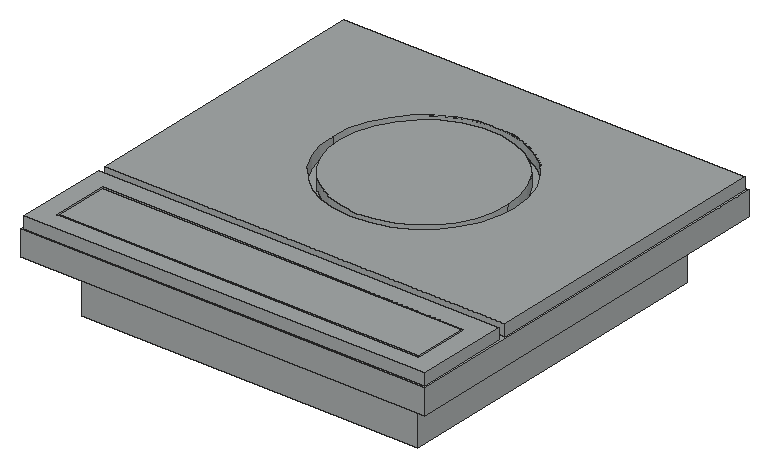
Revit family "Gira_5533902", category Electrical Fixtures, host Face, Revit 2017
Family settings
  Host = Face
  Maintain Annotation Orientation = Yes
  Round Connector Dimension = Use Diameter
  Part Type = Normal
  Cut with Voids When Loaded = No
  Shared = No
  Room Calculation Point = No
Parameters (values of type "Call btn mod.3-g System 106 traffic white(lac.)")
  Width = "0.1065"
  URL = "http://katalog.gira.de/en/datenblatt.html?artikelnr=5533902"
  Number of bell buttons = "3"
  Name = "Call btn mod.3-g System 106 traffic white(lac.)"
  Model = "Sys106_Abdeckung_Schalten und Tasten"
  Manufacturer URL = "https://www.gira.de/"
  Manufacturer = "Gira"
  Installation technique = "Bus system"
  HeinzeBIM = "https://bimportal.heinze.de/bim/call-btn-mod-3-g-system-106-traffic-white-lac-/7e8cf4673aa7c2d3b6c27206dbca5cbd26978bf0"
  Height = "0.1065"
  HAN = "5533902"
  GTIN = "4010337022534"
  Edelstahl [instance] = Edelstahl
  Description = "C-btn mod.3g S106 TWl,System 106 call-button module,3-gang,Traffic white (laquered),The Gira System 106 is an installation system made of metal in a puristic and elegant frameless design, based on basic measurements of 106.5 × 106.5 mm. With the modular door intercom in Gira System 106, hospitality begins even before you reach the front door. All the functions are presented in a harmonious overall appearance, from the call button module, intercom module, and camera module, up to the info and blank module. In the dark, backlit call buttons with inscription space ensure good legibility and an attractive appearance.,,Individually adaptable modular system, The System 106 can be used in family homes or apartment buildings, as well as in office buildings, industrial properties, and hotels. The modular design enables the system's size, design, and functionality to be individually adapted to the respective requirements. Expansions and changes are possible at any time by easily exchanging the modules.,With this system, it is also possible to exchange the fronts only. This means that the appearance of the system can be changed from e.g. traffic white to a stainless steel surface at a later stage, without having to exchange the electronic units.,,High-quality materials,The modules are frameless with design fronts made of genuine materials, available in two brushed stainless steel versions (V2A and V4A), anodised aluminium C-0, and a metal alloy lacquered in traffic white (RAL 9016): all robust materials which ensure durability. The camera and DIN 18040 display module feature a black glass cover.,,Easy and phased installation,The system can be installed in phases, in parallel to the progress of building work. In this way, it is possible to initially install only the lower part of a surface-mounted housing during construction of the shell; cables and modules can then be added when they are needed.,,Individual inscription options,Call button modules and info modules can be labelled individually via the Gira inscription service.,,Features:,- Easy-to-use, vandal-proof, and scratch-resistant call buttons.,- Function changes, e.g. from 2-gang to 4-gang, can be easily realised by replacing the buttons.,- Various inscription options possible.,,Notes :,- Professional labelling with the Gira Inscription Service www.marking.gira.com."
  Default Elevation = 1219.2 mm
  Data sheet (1) = "https://katalog.gira.de/en/download.html?artikelnr=5533902"
  Colour = "White"
  Category = "Functional module for door communication"
  BIM (1) = "https://media.stage.bim.site/public/gira/36a6b08/Sys106_Abdeckung_Schalten und Tasten.rfa?public/gira/36a6b08/Sys106_Abdeckung_Schalten und Tasten.rfa"
  Available = "No"
Reference planes
  plane 1 "Center (Front/Back)": y = 0
  plane 2 "Reference Level 0": z = 0
  plane 3 "Center (Left/Right)": x = 0
  plane 4 "Reference Level 1": z = 9.5
Forms (mm)
  Extrusion 1, solid, material "Edelstahl" <- "Edelstahl", detail levels coarse
    sketch origin (0, 0, 0) x (1, 0, 0) y (0, 1, 0)
      loop
        line (-53, 53) -> (-53, -53) -> (53, -53) -> (53, 53) -> (-53, 53)
    from -14.7 to 9.5
  Extrusion 2, solid, material "Edelstahl" <- "Edelstahl", detail levels fine
    sketch origin (0, 0, 0) x (1, 0, 0) y (0, 1, 0)
      loop
        line (52.5, -28) -> (-52.5, -28) -> (-52.5, -52.5) -> (52.5, -52.5) -> (52.5, -28)
      loop
        line (-47.5, -48) -> (47.5, -48) -> (47.5, -33) -> (-47.5, -33) -> (-47.5, -48)
    from 6.5 to 9.5
  Extrusion 3, solid, material "Edelstahl" <- "Edelstahl", detail levels fine
    sketch origin (0, 0, 0) x (1, 0, 0) y (0, 1, 0)
      loop
        line (-52.5, 52.5) -> (-52.5, -26) -> (52.5, -26) -> (52.5, 52.5) -> (-52.5, 52.5)
      loop
        circle (0, 13) r 24
    from 6.5 to 9.5
  Extrusion 4, solid, material "Edelstahl" <- "Edelstahl", detail levels medium+fine
    sketch origin (0, 0, 0) x (1, 0, 0) y (0, 1, 0)
      loop
        line (-53, 53) -> (-53, -53) -> (53, -53) -> (53, 53) -> (-53, 53)
    from 0 to 6.5
  Extrusion 5, solid, material "Edelstahl" <- "Edelstahl", detail levels fine
    sketch origin (0, 0, 0) x (1, 0, 0) y (0, 1, 0)
      loop
        line (-44, 44) -> (-44, -44) -> (44, -44) -> (44, 44) -> (-44, 44)
    from -14.7 to 0
  Extrusion 6, solid, material "Edelstahl" <- "Edelstahl", detail levels fine
    sketch origin (0, 0, 0) x (1, 0, 0) y (0, 1, 0)
      loop
        circle (0, 13) r 22
    from 6.5 to 9.5
  Extrusion 7, solid, material "Edelstahl" <- "Edelstahl", detail levels fine
    sketch origin (0, 0, 0) x (1, 0, 0) y (0, 1, 0)
      loop
        line (-47, -33.5) -> (-47, -47.5) -> (47, -47.5) -> (47, -33.5) -> (-47, -33.5)
    from 6.5 to 9.5
  Extrusion 8, solid, material "Edelstahl" <- "Edelstahl", detail levels medium
    sketch origin (0, 0, 0) x (1, 0, 0) y (0, 1, 0)
      loop
        line (-52.5, 52.5) -> (-52.5, -26) -> (52.5, -26) -> (52.5, 52.5) -> (-52.5, 52.5)
      loop
        line (-52.5, -28) -> (-52.5, -52.5) -> (52.5, -52.5) -> (52.5, -28) -> (-52.5, -28)
    from 6.5 to 9.5
  Extrusion 9, solid, material "Edelstahl" <- "Edelstahl", detail levels medium
    sketch origin (0, 0, 0) x (1, 0, 0) y (0, 1, 0)
      loop
        circle (0, 13) r 24
      loop
        line (-47.5, -33) -> (-47.5, -48) -> (47.5, -48) -> (47.5, -33) -> (-47.5, -33)
    from 6.5 to 9.5
Dimensions and locks
  aligned and locked: plane 2 "Reference Level 0" to host face
  aligned and locked: level to host face
  aligned and locked: Extrusion 4 to host face
  aligned and locked: Extrusion 4 to level
  aligned and locked: level to Extrusion 5
  aligned and locked: level to Extrusion 4
  aligned and locked: Extrusion 4 to plane 2 "Reference Level 0"
  aligned and locked: plane 2 "Reference Level 0" to Extrusion 5
  aligned and locked: plane 3 "Center (Left/Right)" to nested 1
  aligned and locked: plane 1 "Center (Front/Back)" to nested 1
Nested families
  nested 1: "Schalter" at (0, 0, 0), type "Schalter"
Connectors
  electrical at (0, 0, -14.7)
    settings: on Extrusion 5, index 1, voltage 220 V, apparent load 0 VA, apparent load phase1 0 VA, apparent load phase2 0 VA, apparent load phase3 0 VA, power factor 1, load classification "Other", number of poles 1, system type 30, power factor state 1, is connector primary yes, connector utility no, sub classification motor no, connector description ""
Definition of nested family "Schalter"
  Reference planes
    plane 1: y = 0
    plane 2: x = 0
  Lines and regions (mm)
    detail lines
      curve 1: circle (1.375, 2.778, 0) r 0.8 normal (0, 0, 1)
      curve 2: line (1.021, 2.061, 0) -> (0, 0, 0)
      curve 3: line (0, 0, 0) -> (-0.538, 0.266, 0)
  Dimensions and locks
    curve 2 to curve 2 = 2.3 mm
    curve 3 to curve 2 = 0.6 mm
    radius of curve 1 = 0.8 mm
